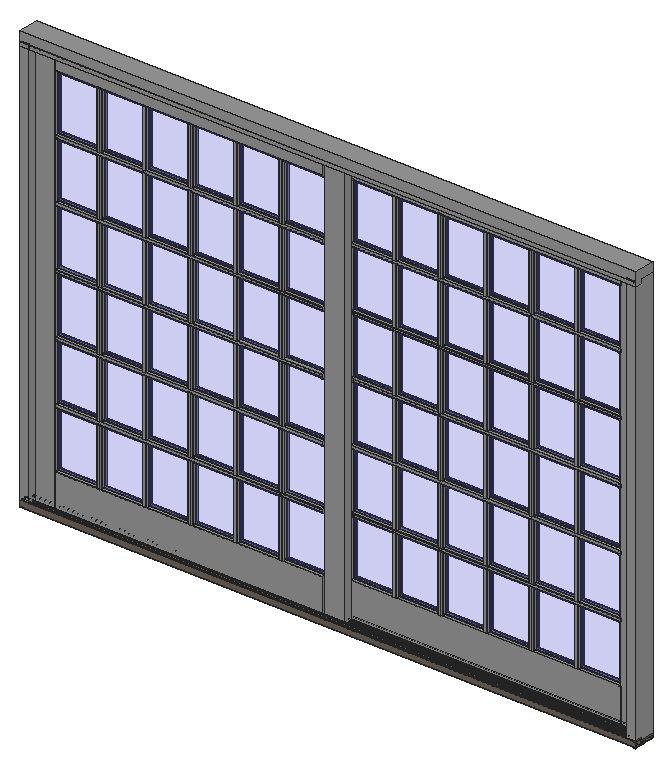
Revit family "VSDA3.0SP RH", category Doors, host Wall, Revit 2015 (continued)
Automatic sketch dimensions
  Extrusion 26 sketch curve to Extrusion 26 sketch curve = 1.197 mm  (x6)
  Extrusion 26 sketch curve to host wall = 24.5 mm  (x5)
  host wall to Extrusion 27 sketch curve = 7.5 mm  (x8)
  Extrusion 27 sketch curve to plane 3 "Left" = 342.92 mm
  Extrusion 27 sketch curve to Extrusion 27 sketch curve = 2 mm  (x19)
  Extrusion 27 sketch curve to Extrusion 27 sketch curve = 6.759 mm  (x10)
  Extrusion 27 sketch curve to Extrusion 27 sketch curve = 0.241 mm  (x15)
  Extrusion 27 sketch curve to Extrusion 27 sketch curve = 13 mm  (x8)
  Extrusion 27 sketch curve to Extrusion 27 sketch curve = 0 mm  (x3)
  host wall to Extrusion 27 sketch curve = 5.5 mm  (x2)
  Extrusion 27 sketch curve to Extrusion 27 sketch curve = 192.92 mm  (x4)
  Extrusion 27 sketch curve to Extrusion 27 sketch curve = 6 mm  (x4)
  host wall to Extrusion 27 sketch curve = 13.5 mm  (x3)
  Extrusion 27 sketch curve to Extrusion 27 sketch curve = 8 mm  (x2)
  Extrusion 27 sketch curve to Extrusion 27 sketch curve = 1.197 mm  (x6)
  Extrusion 27 sketch curve to host wall = 24.5 mm  (x5)
  host wall to Extrusion 28 sketch curve = 7.5 mm  (x8)
  Extrusion 28 sketch curve to plane 3 "Left" = 342.92 mm
  Extrusion 28 sketch curve to Extrusion 28 sketch curve = 2 mm  (x19)
  Extrusion 28 sketch curve to Extrusion 28 sketch curve = 6.759 mm  (x10)
  Extrusion 28 sketch curve to Extrusion 28 sketch curve = 0.241 mm  (x15)
  Extrusion 28 sketch curve to Extrusion 28 sketch curve = 13 mm  (x8)
  Extrusion 28 sketch curve to Extrusion 28 sketch curve = 0 mm  (x3)
  host wall to Extrusion 28 sketch curve = 5.5 mm  (x2)
  Extrusion 28 sketch curve to Extrusion 28 sketch curve = 192.92 mm  (x4)
  Extrusion 28 sketch curve to Extrusion 28 sketch curve = 6 mm  (x4)
  host wall to Extrusion 28 sketch curve = 13.5 mm  (x3)
  Extrusion 28 sketch curve to Extrusion 28 sketch curve = 8 mm  (x2)
  Extrusion 28 sketch curve to Extrusion 28 sketch curve = 1.197 mm  (x6)
  Extrusion 28 sketch curve to host wall = 24.5 mm  (x5)
  host wall to Extrusion 29 sketch curve = 7.5 mm  (x8)
  Extrusion 29 sketch curve to plane 3 "Left" = 342.92 mm
  Extrusion 29 sketch curve to Extrusion 29 sketch curve = 2 mm  (x19)
  Extrusion 29 sketch curve to Extrusion 29 sketch curve = 6.759 mm  (x10)
  Extrusion 29 sketch curve to Extrusion 29 sketch curve = 0.241 mm  (x15)
  Extrusion 29 sketch curve to Extrusion 29 sketch curve = 13 mm  (x8)
  Extrusion 29 sketch curve to Extrusion 29 sketch curve = 0 mm  (x3)
  host wall to Extrusion 29 sketch curve = 5.5 mm  (x2)
  Extrusion 29 sketch curve to Extrusion 29 sketch curve = 192.92 mm  (x4)
  Extrusion 29 sketch curve to Extrusion 29 sketch curve = 6 mm  (x4)
  host wall to Extrusion 29 sketch curve = 13.5 mm  (x3)
  Extrusion 29 sketch curve to Extrusion 29 sketch curve = 8 mm  (x2)
  Extrusion 29 sketch curve to Extrusion 29 sketch curve = 1.197 mm  (x6)
  Extrusion 29 sketch curve to host wall = 24.5 mm  (x5)
  host wall to Extrusion 30 sketch curve = 7.5 mm  (x8)
  Extrusion 30 sketch curve to plane 3 "Left" = 342.92 mm
  Extrusion 30 sketch curve to Extrusion 30 sketch curve = 2 mm  (x19)
  Extrusion 30 sketch curve to Extrusion 30 sketch curve = 6.759 mm  (x10)
  Extrusion 30 sketch curve to Extrusion 30 sketch curve = 0.241 mm  (x15)
  Extrusion 30 sketch curve to Extrusion 30 sketch curve = 13 mm  (x8)
  Extrusion 30 sketch curve to Extrusion 30 sketch curve = 0 mm  (x3)
  host wall to Extrusion 30 sketch curve = 5.5 mm  (x2)
  Extrusion 30 sketch curve to Extrusion 30 sketch curve = 192.92 mm  (x4)
  Extrusion 30 sketch curve to Extrusion 30 sketch curve = 6 mm  (x4)
  host wall to Extrusion 30 sketch curve = 13.5 mm  (x3)
  Extrusion 30 sketch curve to Extrusion 30 sketch curve = 8 mm  (x2)
  Extrusion 30 sketch curve to Extrusion 30 sketch curve = 1.197 mm  (x6)
  Extrusion 30 sketch curve to host wall = 24.5 mm  (x5)
  plane 4 "Right" to Sweep 31 sketch curve = 351.92 mm
  plane 4 "Right" to Sweep 31 sketch curve = 141 mm
  plane 5 to Sweep 31 sketch curve = 722 mm
  Sweep 31 sketch curve to Sweep 31 sketch curve = 284 mm
  profile plane to Sweep 31 sketch curve = 0 mm
  profile plane to Sweep 31 sketch curve = 0.241 mm
  Sweep 31 sketch curve to Sweep 31 sketch curve = 6.759 mm
  Sweep 31 sketch curve to Sweep 31 sketch curve = 2 mm  (x2)
  Sweep 31 sketch curve to profile plane = 132.5 mm
  Sweep 31 sketch curve to Sweep 31 sketch curve = 6 mm
  plane 4 "Right" to Sweep 32 sketch curve = 575.84 mm
  Sweep 32 sketch curve to Sweep 32 sketch curve = 210.92 mm
  plane 5 to Sweep 32 sketch curve = 722 mm
  Sweep 32 sketch curve to Sweep 32 sketch curve = 284 mm
  profile plane to Sweep 32 sketch curve = 0 mm
  profile plane to Sweep 32 sketch curve = 0.241 mm
  Sweep 32 sketch curve to Sweep 32 sketch curve = 6.759 mm
  Sweep 32 sketch curve to Sweep 32 sketch curve = 2 mm  (x2)
  Sweep 32 sketch curve to profile plane = 132.5 mm
  Sweep 32 sketch curve to Sweep 32 sketch curve = 6 mm
  plane 2 "Center (Left/Right)" to Sweep 33 sketch curve = 715.24 mm
  Sweep 33 sketch curve to Sweep 33 sketch curve = 210.92 mm
  plane 5 to Sweep 33 sketch curve = 722 mm
  Sweep 33 sketch curve to Sweep 33 sketch curve = 284 mm
  profile plane to Sweep 33 sketch curve = 0 mm
  profile plane to Sweep 33 sketch curve = 0.241 mm
  Sweep 33 sketch curve to Sweep 33 sketch curve = 6.759 mm
  Sweep 33 sketch curve to Sweep 33 sketch curve = 2 mm  (x2)
  Sweep 33 sketch curve to profile plane = 132.5 mm
  Sweep 33 sketch curve to Sweep 33 sketch curve = 6 mm
  plane 2 "Center (Left/Right)" to Sweep 34 sketch curve = 491.32 mm
  Sweep 34 sketch curve to Sweep 34 sketch curve = 210.92 mm
  plane 5 to Sweep 34 sketch curve = 722 mm
  Sweep 34 sketch curve to Sweep 34 sketch curve = 284 mm
  profile plane to Sweep 34 sketch curve = 0 mm
  profile plane to Sweep 34 sketch curve = 0.241 mm
  Sweep 34 sketch curve to Sweep 34 sketch curve = 6.759 mm
  Sweep 34 sketch curve to Sweep 34 sketch curve = 2 mm  (x2)
  Sweep 34 sketch curve to profile plane = 132.5 mm
  Sweep 34 sketch curve to Sweep 34 sketch curve = 6 mm
  plane 2 "Center (Left/Right)" to Sweep 35 sketch curve = 267.4 mm
  Sweep 35 sketch curve to Sweep 35 sketch curve = 210.92 mm
  plane 5 to Sweep 35 sketch curve = 722 mm
  Sweep 35 sketch curve to Sweep 35 sketch curve = 284 mm
  profile plane to Sweep 35 sketch curve = 0 mm
  profile plane to Sweep 35 sketch curve = 0.241 mm
  Sweep 35 sketch curve to Sweep 35 sketch curve = 6.759 mm
  Sweep 35 sketch curve to Sweep 35 sketch curve = 2 mm  (x2)
  Sweep 35 sketch curve to profile plane = 132.5 mm
  Sweep 35 sketch curve to Sweep 35 sketch curve = 6 mm
  plane 2 "Center (Left/Right)" to Sweep 36 sketch curve = 43.48 mm
  Sweep 36 sketch curve to Sweep 36 sketch curve = 210.92 mm
  plane 5 to Sweep 36 sketch curve = 722 mm
  Sweep 36 sketch curve to Sweep 36 sketch curve = 284 mm
  profile plane to Sweep 36 sketch curve = 0 mm
  profile plane to Sweep 36 sketch curve = 0.241 mm
  Sweep 36 sketch curve to Sweep 36 sketch curve = 6.759 mm
  Sweep 36 sketch curve to Sweep 36 sketch curve = 2 mm  (x2)
  Sweep 36 sketch curve to profile plane = 132.5 mm
  Sweep 36 sketch curve to Sweep 36 sketch curve = 6 mm
  plane 4 "Right" to Sweep 37 sketch curve = 351.92 mm
  plane 4 "Right" to Sweep 37 sketch curve = 141 mm
  plane 5 to Sweep 37 sketch curve = 1019 mm
  Sweep 37 sketch curve to Sweep 37 sketch curve = 284 mm
  profile plane to Sweep 37 sketch curve = 0 mm
  profile plane to Sweep 37 sketch curve = 0.241 mm
  Sweep 37 sketch curve to Sweep 37 sketch curve = 6.759 mm
  Sweep 37 sketch curve to Sweep 37 sketch curve = 2 mm  (x2)
  Sweep 37 sketch curve to profile plane = 132.5 mm
  Sweep 37 sketch curve to Sweep 37 sketch curve = 6 mm
  plane 4 "Right" to Sweep 38 sketch curve = 575.84 mm
  Sweep 38 sketch curve to Sweep 38 sketch curve = 210.92 mm
  plane 5 to Sweep 38 sketch curve = 1019 mm
  Sweep 38 sketch curve to Sweep 38 sketch curve = 284 mm
  profile plane to Sweep 38 sketch curve = 0 mm
  profile plane to Sweep 38 sketch curve = 0.241 mm
  Sweep 38 sketch curve to Sweep 38 sketch curve = 6.759 mm
  Sweep 38 sketch curve to Sweep 38 sketch curve = 2 mm  (x2)
  Sweep 38 sketch curve to profile plane = 132.5 mm
  Sweep 38 sketch curve to Sweep 38 sketch curve = 6 mm
  plane 2 "Center (Left/Right)" to Sweep 39 sketch curve = 715.24 mm
  Sweep 39 sketch curve to Sweep 39 sketch curve = 210.92 mm
  plane 5 to Sweep 39 sketch curve = 1019 mm
  Sweep 39 sketch curve to Sweep 39 sketch curve = 284 mm
  profile plane to Sweep 39 sketch curve = 0 mm
  profile plane to Sweep 39 sketch curve = 0.241 mm
  Sweep 39 sketch curve to Sweep 39 sketch curve = 6.759 mm
  Sweep 39 sketch curve to Sweep 39 sketch curve = 2 mm  (x2)
  Sweep 39 sketch curve to profile plane = 132.5 mm
  Sweep 39 sketch curve to Sweep 39 sketch curve = 6 mm
  plane 2 "Center (Left/Right)" to Sweep 40 sketch curve = 491.32 mm
  Sweep 40 sketch curve to Sweep 40 sketch curve = 210.92 mm
  plane 5 to Sweep 40 sketch curve = 1019 mm
  Sweep 40 sketch curve to Sweep 40 sketch curve = 284 mm
  profile plane to Sweep 40 sketch curve = 0 mm
  profile plane to Sweep 40 sketch curve = 0.241 mm
  Sweep 40 sketch curve to Sweep 40 sketch curve = 6.759 mm
  Sweep 40 sketch curve to Sweep 40 sketch curve = 2 mm  (x2)
  Sweep 40 sketch curve to profile plane = 132.5 mm
  Sweep 40 sketch curve to Sweep 40 sketch curve = 6 mm
  plane 2 "Center (Left/Right)" to Sweep 41 sketch curve = 267.4 mm
  Sweep 41 sketch curve to Sweep 41 sketch curve = 210.92 mm
  plane 5 to Sweep 41 sketch curve = 1019 mm
  Sweep 41 sketch curve to Sweep 41 sketch curve = 284 mm
  profile plane to Sweep 41 sketch curve = 0 mm
  profile plane to Sweep 41 sketch curve = 0.241 mm
  Sweep 41 sketch curve to Sweep 41 sketch curve = 6.759 mm
  Sweep 41 sketch curve to Sweep 41 sketch curve = 2 mm  (x2)
  Sweep 41 sketch curve to profile plane = 132.5 mm
  Sweep 41 sketch curve to Sweep 41 sketch curve = 6 mm
  plane 2 "Center (Left/Right)" to Sweep 42 sketch curve = 43.48 mm
  Sweep 42 sketch curve to Sweep 42 sketch curve = 210.92 mm
  plane 5 to Sweep 42 sketch curve = 1019 mm
  Sweep 42 sketch curve to Sweep 42 sketch curve = 284 mm
  profile plane to Sweep 42 sketch curve = 0 mm
  profile plane to Sweep 42 sketch curve = 0.241 mm
  Sweep 42 sketch curve to Sweep 42 sketch curve = 6.759 mm
  Sweep 42 sketch curve to Sweep 42 sketch curve = 2 mm  (x2)
  Sweep 42 sketch curve to profile plane = 132.5 mm
  Sweep 42 sketch curve to Sweep 42 sketch curve = 6 mm
  plane 4 "Right" to Sweep 43 sketch curve = 351.92 mm
  plane 4 "Right" to Sweep 43 sketch curve = 141 mm
  level to Sweep 43 sketch curve = 784 mm
  Sweep 43 sketch curve to Sweep 43 sketch curve = 284 mm
  profile plane to Sweep 43 sketch curve = 0 mm
  profile plane to Sweep 43 sketch curve = 0.241 mm
  Sweep 43 sketch curve to Sweep 43 sketch curve = 6.759 mm
  Sweep 43 sketch curve to Sweep 43 sketch curve = 2 mm  (x2)
  Sweep 43 sketch curve to profile plane = 132.5 mm
  Sweep 43 sketch curve to Sweep 43 sketch curve = 6 mm
  plane 4 "Right" to Sweep 44 sketch curve = 575.84 mm
  Sweep 44 sketch curve to Sweep 44 sketch curve = 210.92 mm
  level to Sweep 44 sketch curve = 784 mm
  Sweep 44 sketch curve to Sweep 44 sketch curve = 284 mm
  profile plane to Sweep 44 sketch curve = 0 mm
  profile plane to Sweep 44 sketch curve = 0.241 mm
  Sweep 44 sketch curve to Sweep 44 sketch curve = 6.759 mm
  Sweep 44 sketch curve to Sweep 44 sketch curve = 2 mm  (x2)
  Sweep 44 sketch curve to profile plane = 132.5 mm
  Sweep 44 sketch curve to Sweep 44 sketch curve = 6 mm
  plane 2 "Center (Left/Right)" to Sweep 45 sketch curve = 715.24 mm
  Sweep 45 sketch curve to Sweep 45 sketch curve = 210.92 mm
  level to Sweep 45 sketch curve = 784 mm
  Sweep 45 sketch curve to Sweep 45 sketch curve = 284 mm
  profile plane to Sweep 45 sketch curve = 0 mm
  profile plane to Sweep 45 sketch curve = 0.241 mm
  Sweep 45 sketch curve to Sweep 45 sketch curve = 6.759 mm
  Sweep 45 sketch curve to Sweep 45 sketch curve = 2 mm  (x2)
  Sweep 45 sketch curve to profile plane = 132.5 mm
  Sweep 45 sketch curve to Sweep 45 sketch curve = 6 mm
  plane 2 "Center (Left/Right)" to Sweep 46 sketch curve = 491.32 mm
  Sweep 46 sketch curve to Sweep 46 sketch curve = 210.92 mm
  level to Sweep 46 sketch curve = 784 mm
  Sweep 46 sketch curve to Sweep 46 sketch curve = 284 mm
  profile plane to Sweep 46 sketch curve = 0 mm
  profile plane to Sweep 46 sketch curve = 0.241 mm
  Sweep 46 sketch curve to Sweep 46 sketch curve = 6.759 mm
  Sweep 46 sketch curve to Sweep 46 sketch curve = 2 mm  (x2)
  Sweep 46 sketch curve to profile plane = 132.5 mm
  Sweep 46 sketch curve to Sweep 46 sketch curve = 6 mm
  plane 2 "Center (Left/Right)" to Sweep 47 sketch curve = 267.4 mm
  Sweep 47 sketch curve to Sweep 47 sketch curve = 210.92 mm
  level to Sweep 47 sketch curve = 784 mm
  Sweep 47 sketch curve to Sweep 47 sketch curve = 284 mm
  profile plane to Sweep 47 sketch curve = 0 mm
  profile plane to Sweep 47 sketch curve = 0.241 mm
  Sweep 47 sketch curve to Sweep 47 sketch curve = 6.759 mm
  Sweep 47 sketch curve to Sweep 47 sketch curve = 2 mm  (x2)
  Sweep 47 sketch curve to profile plane = 132.5 mm
  Sweep 47 sketch curve to Sweep 47 sketch curve = 6 mm
  plane 2 "Center (Left/Right)" to Sweep 48 sketch curve = 43.48 mm
  Sweep 48 sketch curve to Sweep 48 sketch curve = 210.92 mm
  level to Sweep 48 sketch curve = 784 mm
  Sweep 48 sketch curve to Sweep 48 sketch curve = 284 mm
  profile plane to Sweep 48 sketch curve = 0 mm
  profile plane to Sweep 48 sketch curve = 0.241 mm
  Sweep 48 sketch curve to Sweep 48 sketch curve = 6.759 mm
  Sweep 48 sketch curve to Sweep 48 sketch curve = 2 mm  (x2)
  Sweep 48 sketch curve to profile plane = 132.5 mm
  Sweep 48 sketch curve to Sweep 48 sketch curve = 6 mm
  plane 4 "Right" to Sweep 49 sketch curve = 351.92 mm
  plane 4 "Right" to Sweep 49 sketch curve = 141 mm
  level to Sweep 49 sketch curve = 487 mm
  Sweep 49 sketch curve to Sweep 49 sketch curve = 284 mm
  profile plane to Sweep 49 sketch curve = 0 mm
  profile plane to Sweep 49 sketch curve = 0.241 mm
  Sweep 49 sketch curve to Sweep 49 sketch curve = 6.759 mm
  Sweep 49 sketch curve to Sweep 49 sketch curve = 2 mm  (x2)
  Sweep 49 sketch curve to profile plane = 132.5 mm
  Sweep 49 sketch curve to Sweep 49 sketch curve = 6 mm
  plane 4 "Right" to Sweep 50 sketch curve = 575.84 mm
  Sweep 50 sketch curve to Sweep 50 sketch curve = 210.92 mm
  level to Sweep 50 sketch curve = 487 mm
  Sweep 50 sketch curve to Sweep 50 sketch curve = 284 mm
  profile plane to Sweep 50 sketch curve = 0 mm
  profile plane to Sweep 50 sketch curve = 0.241 mm
  Sweep 50 sketch curve to Sweep 50 sketch curve = 6.759 mm
  Sweep 50 sketch curve to Sweep 50 sketch curve = 2 mm  (x2)
  Sweep 50 sketch curve to profile plane = 132.5 mm
  Sweep 50 sketch curve to Sweep 50 sketch curve = 6 mm
  plane 2 "Center (Left/Right)" to Sweep 51 sketch curve = 715.24 mm
  Sweep 51 sketch curve to Sweep 51 sketch curve = 210.92 mm
  level to Sweep 51 sketch curve = 487 mm
  Sweep 51 sketch curve to Sweep 51 sketch curve = 284 mm
  profile plane to Sweep 51 sketch curve = 0 mm
  profile plane to Sweep 51 sketch curve = 0.241 mm
  Sweep 51 sketch curve to Sweep 51 sketch curve = 6.759 mm
  Sweep 51 sketch curve to Sweep 51 sketch curve = 2 mm  (x2)
  Sweep 51 sketch curve to profile plane = 132.5 mm
  Sweep 51 sketch curve to Sweep 51 sketch curve = 6 mm
  plane 2 "Center (Left/Right)" to Sweep 52 sketch curve = 491.32 mm
  Sweep 52 sketch curve to Sweep 52 sketch curve = 210.92 mm
  level to Sweep 52 sketch curve = 487 mm
  Sweep 52 sketch curve to Sweep 52 sketch curve = 284 mm
  profile plane to Sweep 52 sketch curve = 0 mm
  profile plane to Sweep 52 sketch curve = 0.241 mm
  Sweep 52 sketch curve to Sweep 52 sketch curve = 6.759 mm
  Sweep 52 sketch curve to Sweep 52 sketch curve = 2 mm  (x2)
  Sweep 52 sketch curve to profile plane = 132.5 mm
  Sweep 52 sketch curve to Sweep 52 sketch curve = 6 mm
  plane 2 "Center (Left/Right)" to Sweep 53 sketch curve = 267.4 mm
  Sweep 53 sketch curve to Sweep 53 sketch curve = 210.92 mm
  level to Sweep 53 sketch curve = 487 mm
  Sweep 53 sketch curve to Sweep 53 sketch curve = 284 mm
  profile plane to Sweep 53 sketch curve = 0 mm
  profile plane to Sweep 53 sketch curve = 0.241 mm
  Sweep 53 sketch curve to Sweep 53 sketch curve = 6.759 mm
  Sweep 53 sketch curve to Sweep 53 sketch curve = 2 mm  (x2)
  Sweep 53 sketch curve to profile plane = 132.5 mm
  Sweep 53 sketch curve to Sweep 53 sketch curve = 6 mm
  plane 2 "Center (Left/Right)" to Sweep 54 sketch curve = 43.48 mm
  Sweep 54 sketch curve to Sweep 54 sketch curve = 210.92 mm
  level to Sweep 54 sketch curve = 487 mm
  Sweep 54 sketch curve to Sweep 54 sketch curve = 284 mm
  profile plane to Sweep 54 sketch curve = 0 mm
  profile plane to Sweep 54 sketch curve = 0.241 mm
  Sweep 54 sketch curve to Sweep 54 sketch curve = 6.759 mm
  Sweep 54 sketch curve to Sweep 54 sketch curve = 2 mm  (x2)
  Sweep 54 sketch curve to profile plane = 132.5 mm
  Sweep 54 sketch curve to Sweep 54 sketch curve = 6 mm
  plane 4 "Right" to Sweep 55 sketch curve = 351.92 mm
  plane 4 "Right" to Sweep 55 sketch curve = 141 mm
  level to Sweep 55 sketch curve = 190 mm
  Sweep 55 sketch curve to Sweep 55 sketch curve = 284 mm
  profile plane to Sweep 55 sketch curve = 0 mm
  profile plane to Sweep 55 sketch curve = 0.241 mm
  Sweep 55 sketch curve to Sweep 55 sketch curve = 6.759 mm
  Sweep 55 sketch curve to Sweep 55 sketch curve = 2 mm  (x2)
  Sweep 55 sketch curve to profile plane = 132.5 mm
  Sweep 55 sketch curve to Sweep 55 sketch curve = 6 mm
  level to Sweep 56 sketch curve = 190 mm
  plane 4 "Right" to Sweep 56 sketch curve = 575.84 mm
  Sweep 56 sketch curve to Sweep 56 sketch curve = 210.92 mm
  Sweep 56 sketch curve to Sweep 56 sketch curve = 284 mm
  profile plane to Sweep 56 sketch curve = 0 mm
  profile plane to Sweep 56 sketch curve = 0.241 mm
  Sweep 56 sketch curve to Sweep 56 sketch curve = 6.759 mm
  Sweep 56 sketch curve to Sweep 56 sketch curve = 2 mm  (x2)
  Sweep 56 sketch curve to profile plane = 132.5 mm
  Sweep 56 sketch curve to Sweep 56 sketch curve = 6 mm
  level to Sweep 57 sketch curve = 190 mm
  plane 2 "Center (Left/Right)" to Sweep 57 sketch curve = 715.24 mm
  Sweep 57 sketch curve to Sweep 57 sketch curve = 210.92 mm
  Sweep 57 sketch curve to Sweep 57 sketch curve = 284 mm
  profile plane to Sweep 57 sketch curve = 0 mm
  profile plane to Sweep 57 sketch curve = 0.241 mm
  Sweep 57 sketch curve to Sweep 57 sketch curve = 6.759 mm
  Sweep 57 sketch curve to Sweep 57 sketch curve = 2 mm  (x2)
  Sweep 57 sketch curve to profile plane = 132.5 mm
  Sweep 57 sketch curve to Sweep 57 sketch curve = 6 mm
  level to Sweep 58 sketch curve = 190 mm
  plane 2 "Center (Left/Right)" to Sweep 58 sketch curve = 491.32 mm
  Sweep 58 sketch curve to Sweep 58 sketch curve = 210.92 mm
  Sweep 58 sketch curve to Sweep 58 sketch curve = 284 mm
  profile plane to Sweep 58 sketch curve = 0 mm
  profile plane to Sweep 58 sketch curve = 0.241 mm
  Sweep 58 sketch curve to Sweep 58 sketch curve = 6.759 mm
  Sweep 58 sketch curve to Sweep 58 sketch curve = 2 mm  (x2)
  Sweep 58 sketch curve to profile plane = 132.5 mm
  Sweep 58 sketch curve to Sweep 58 sketch curve = 6 mm
  plane 2 "Center (Left/Right)" to Sweep 59 sketch curve = 267.4 mm
  Sweep 59 sketch curve to Sweep 59 sketch curve = 210.92 mm
  level to Sweep 59 sketch curve = 190 mm
  Sweep 59 sketch curve to Sweep 59 sketch curve = 284 mm
  profile plane to Sweep 59 sketch curve = 0 mm
  profile plane to Sweep 59 sketch curve = 0.241 mm
  Sweep 59 sketch curve to Sweep 59 sketch curve = 6.759 mm
  Sweep 59 sketch curve to Sweep 59 sketch curve = 2 mm  (x2)
  Sweep 59 sketch curve to profile plane = 132.5 mm
  Sweep 59 sketch curve to Sweep 59 sketch curve = 6 mm
  plane 2 "Center (Left/Right)" to Sweep 60 sketch curve = 43.48 mm
  Sweep 60 sketch curve to Sweep 60 sketch curve = 210.92 mm
  level to Sweep 60 sketch curve = 190 mm
  Sweep 60 sketch curve to Sweep 60 sketch curve = 284 mm
  profile plane to Sweep 60 sketch curve = 0 mm
  profile plane to Sweep 60 sketch curve = 0.241 mm
  Sweep 60 sketch curve to Sweep 60 sketch curve = 6.759 mm
  Sweep 60 sketch curve to Sweep 60 sketch curve = 2 mm  (x2)
  Sweep 60 sketch curve to profile plane = 132.5 mm
  Sweep 60 sketch curve to Sweep 60 sketch curve = 6 mm
  Sweep 61 sketch curve to plane 3 "Left" = 364.92 mm
  Sweep 61 sketch curve to Sweep 61 sketch curve = 210.92 mm
  plane 5 to Sweep 61 sketch curve = 425 mm
  plane 5 to Sweep 61 sketch curve = 141 mm
  profile plane to Sweep 61 sketch curve = 0 mm
  profile plane to Sweep 61 sketch curve = 0.241 mm
  Sweep 61 sketch curve to Sweep 61 sketch curve = 6.759 mm
  Sweep 61 sketch curve to Sweep 61 sketch curve = 2 mm  (x2)
  Sweep 61 sketch curve to profile plane = 132.5 mm
  Sweep 61 sketch curve to Sweep 61 sketch curve = 6 mm
  Sweep 62 sketch curve to plane 3 "Left" = 588.84 mm
  Sweep 62 sketch curve to Sweep 62 sketch curve = 210.92 mm
  plane 5 to Sweep 62 sketch curve = 425 mm
  plane 5 to Sweep 62 sketch curve = 141 mm
  profile plane to Sweep 62 sketch curve = 0 mm
  profile plane to Sweep 62 sketch curve = 0.241 mm
  Sweep 62 sketch curve to Sweep 62 sketch curve = 6.759 mm
  Sweep 62 sketch curve to Sweep 62 sketch curve = 2 mm  (x2)
  Sweep 62 sketch curve to profile plane = 132.5 mm
  Sweep 62 sketch curve to Sweep 62 sketch curve = 6 mm
  Sweep 63 sketch curve to plane 2 "Center (Left/Right)" = 702.24 mm
  Sweep 63 sketch curve to Sweep 63 sketch curve = 210.92 mm
  plane 5 to Sweep 63 sketch curve = 425 mm
  plane 5 to Sweep 63 sketch curve = 141 mm
  profile plane to Sweep 63 sketch curve = 0 mm
  profile plane to Sweep 63 sketch curve = 0.241 mm
  Sweep 63 sketch curve to Sweep 63 sketch curve = 6.759 mm
  Sweep 63 sketch curve to Sweep 63 sketch curve = 2 mm  (x2)
  Sweep 63 sketch curve to profile plane = 132.5 mm
  Sweep 63 sketch curve to Sweep 63 sketch curve = 6 mm
  Sweep 64 sketch curve to plane 2 "Center (Left/Right)" = 478.32 mm
  Sweep 64 sketch curve to Sweep 64 sketch curve = 210.92 mm
  plane 5 to Sweep 64 sketch curve = 425 mm
  plane 5 to Sweep 64 sketch curve = 141 mm
  profile plane to Sweep 64 sketch curve = 0 mm
  profile plane to Sweep 64 sketch curve = 0.241 mm
  Sweep 64 sketch curve to Sweep 64 sketch curve = 6.759 mm
  Sweep 64 sketch curve to Sweep 64 sketch curve = 2 mm  (x2)
  Sweep 64 sketch curve to profile plane = 132.5 mm
  Sweep 64 sketch curve to Sweep 64 sketch curve = 6 mm
  Sweep 65 sketch curve to plane 2 "Center (Left/Right)" = 254.4 mm
  Sweep 65 sketch curve to plane 2 "Center (Left/Right)" = 43.48 mm
  plane 5 to Sweep 65 sketch curve = 425 mm
  plane 5 to Sweep 65 sketch curve = 141 mm
  profile plane to Sweep 65 sketch curve = 0 mm
  profile plane to Sweep 65 sketch curve = 0.241 mm
  Sweep 65 sketch curve to Sweep 65 sketch curve = 6.759 mm
  Sweep 65 sketch curve to Sweep 65 sketch curve = 2 mm  (x2)
  Sweep 65 sketch curve to profile plane = 132.5 mm
  Sweep 65 sketch curve to Sweep 65 sketch curve = 6 mm
  Sweep 66 sketch curve to plane 3 "Left" = 141 mm
  Sweep 66 sketch curve to Sweep 66 sketch curve = 210.92 mm
  plane 5 to Sweep 66 sketch curve = 722 mm
  Sweep 66 sketch curve to Sweep 66 sketch curve = 284 mm
  profile plane to Sweep 66 sketch curve = 0 mm
  profile plane to Sweep 66 sketch curve = 0.241 mm
  Sweep 66 sketch curve to Sweep 66 sketch curve = 6.759 mm
  Sweep 66 sketch curve to Sweep 66 sketch curve = 2 mm  (x2)
  Sweep 66 sketch curve to profile plane = 132.5 mm
  Sweep 66 sketch curve to Sweep 66 sketch curve = 6 mm
  Sweep 67 sketch curve to plane 3 "Left" = 364.92 mm
  Sweep 67 sketch curve to Sweep 67 sketch curve = 210.92 mm
  plane 5 to Sweep 67 sketch curve = 722 mm
  Sweep 67 sketch curve to Sweep 67 sketch curve = 284 mm
  profile plane to Sweep 67 sketch curve = 0 mm
  profile plane to Sweep 67 sketch curve = 0.241 mm
  Sweep 67 sketch curve to Sweep 67 sketch curve = 6.759 mm
  Sweep 67 sketch curve to Sweep 67 sketch curve = 2 mm  (x2)
  Sweep 67 sketch curve to profile plane = 132.5 mm
  Sweep 67 sketch curve to Sweep 67 sketch curve = 6 mm
  Sweep 68 sketch curve to plane 3 "Left" = 588.84 mm
  Sweep 68 sketch curve to Sweep 68 sketch curve = 210.92 mm
  plane 5 to Sweep 68 sketch curve = 722 mm
  Sweep 68 sketch curve to Sweep 68 sketch curve = 284 mm
  profile plane to Sweep 68 sketch curve = 0 mm
  profile plane to Sweep 68 sketch curve = 0.241 mm
  Sweep 68 sketch curve to Sweep 68 sketch curve = 6.759 mm
  Sweep 68 sketch curve to Sweep 68 sketch curve = 2 mm  (x2)
  Sweep 68 sketch curve to profile plane = 132.5 mm
  Sweep 68 sketch curve to Sweep 68 sketch curve = 6 mm
  Sweep 69 sketch curve to plane 2 "Center (Left/Right)" = 702.24 mm
  Sweep 69 sketch curve to Sweep 69 sketch curve = 210.92 mm
  plane 5 to Sweep 69 sketch curve = 722 mm
  Sweep 69 sketch curve to Sweep 69 sketch curve = 284 mm
  profile plane to Sweep 69 sketch curve = 0 mm
  profile plane to Sweep 69 sketch curve = 0.241 mm
  Sweep 69 sketch curve to Sweep 69 sketch curve = 6.759 mm
  Sweep 69 sketch curve to Sweep 69 sketch curve = 2 mm  (x2)
  Sweep 69 sketch curve to profile plane = 132.5 mm
  Sweep 69 sketch curve to Sweep 69 sketch curve = 6 mm
  Sweep 70 sketch curve to plane 2 "Center (Left/Right)" = 478.32 mm
  Sweep 70 sketch curve to Sweep 70 sketch curve = 210.92 mm
  plane 5 to Sweep 70 sketch curve = 722 mm
  Sweep 70 sketch curve to Sweep 70 sketch curve = 284 mm
  profile plane to Sweep 70 sketch curve = 0 mm
  profile plane to Sweep 70 sketch curve = 0.241 mm
  Sweep 70 sketch curve to Sweep 70 sketch curve = 6.759 mm
  Sweep 70 sketch curve to Sweep 70 sketch curve = 2 mm  (x2)
  Sweep 70 sketch curve to profile plane = 132.5 mm
  Sweep 70 sketch curve to Sweep 70 sketch curve = 6 mm
  Sweep 71 sketch curve to plane 2 "Center (Left/Right)" = 254.4 mm
  Sweep 71 sketch curve to plane 2 "Center (Left/Right)" = 43.48 mm
  plane 5 to Sweep 71 sketch curve = 722 mm
  Sweep 71 sketch curve to Sweep 71 sketch curve = 284 mm
  profile plane to Sweep 71 sketch curve = 0 mm
  profile plane to Sweep 71 sketch curve = 0.241 mm
  Sweep 71 sketch curve to Sweep 71 sketch curve = 6.759 mm
  Sweep 71 sketch curve to Sweep 71 sketch curve = 2 mm  (x2)
  Sweep 71 sketch curve to profile plane = 132.5 mm
  Sweep 71 sketch curve to Sweep 71 sketch curve = 6 mm
  Sweep 72 sketch curve to plane 3 "Left" = 141 mm
  Sweep 72 sketch curve to Sweep 72 sketch curve = 210.92 mm
  plane 5 to Sweep 72 sketch curve = 1019 mm
  Sweep 72 sketch curve to Sweep 72 sketch curve = 284 mm
  profile plane to Sweep 72 sketch curve = 0 mm
  profile plane to Sweep 72 sketch curve = 0.241 mm
  Sweep 72 sketch curve to Sweep 72 sketch curve = 6.759 mm
  Sweep 72 sketch curve to Sweep 72 sketch curve = 2 mm  (x2)
  Sweep 72 sketch curve to profile plane = 132.5 mm
  Sweep 72 sketch curve to Sweep 72 sketch curve = 6 mm
  Sweep 73 sketch curve to plane 3 "Left" = 364.92 mm
  Sweep 73 sketch curve to Sweep 73 sketch curve = 210.92 mm
  plane 5 to Sweep 73 sketch curve = 1019 mm
  Sweep 73 sketch curve to Sweep 73 sketch curve = 284 mm
  profile plane to Sweep 73 sketch curve = 0 mm
  profile plane to Sweep 73 sketch curve = 0.241 mm
  Sweep 73 sketch curve to Sweep 73 sketch curve = 6.759 mm
  Sweep 73 sketch curve to Sweep 73 sketch curve = 2 mm  (x2)
  Sweep 73 sketch curve to profile plane = 132.5 mm
  Sweep 73 sketch curve to Sweep 73 sketch curve = 6 mm
  Sweep 74 sketch curve to plane 3 "Left" = 588.84 mm
  Sweep 74 sketch curve to Sweep 74 sketch curve = 210.92 mm
  plane 5 to Sweep 74 sketch curve = 1019 mm
  Sweep 74 sketch curve to Sweep 74 sketch curve = 284 mm
  profile plane to Sweep 74 sketch curve = 0 mm
  profile plane to Sweep 74 sketch curve = 0.241 mm
  Sweep 74 sketch curve to Sweep 74 sketch curve = 6.759 mm
  Sweep 74 sketch curve to Sweep 74 sketch curve = 2 mm  (x2)
  Sweep 74 sketch curve to profile plane = 132.5 mm
  Sweep 74 sketch curve to Sweep 74 sketch curve = 6 mm
  Sweep 75 sketch curve to plane 2 "Center (Left/Right)" = 702.24 mm
  Sweep 75 sketch curve to Sweep 75 sketch curve = 210.92 mm
  plane 5 to Sweep 75 sketch curve = 1019 mm
  Sweep 75 sketch curve to Sweep 75 sketch curve = 284 mm
  profile plane to Sweep 75 sketch curve = 0 mm
  profile plane to Sweep 75 sketch curve = 0.241 mm
  Sweep 75 sketch curve to Sweep 75 sketch curve = 6.759 mm
  Sweep 75 sketch curve to Sweep 75 sketch curve = 2 mm  (x2)
  Sweep 75 sketch curve to profile plane = 132.5 mm
  Sweep 75 sketch curve to Sweep 75 sketch curve = 6 mm
  Sweep 76 sketch curve to plane 2 "Center (Left/Right)" = 478.32 mm
  Sweep 76 sketch curve to Sweep 76 sketch curve = 210.92 mm
  plane 5 to Sweep 76 sketch curve = 1019 mm
  Sweep 76 sketch curve to Sweep 76 sketch curve = 284 mm
  profile plane to Sweep 76 sketch curve = 0 mm
  profile plane to Sweep 76 sketch curve = 0.241 mm
  Sweep 76 sketch curve to Sweep 76 sketch curve = 6.759 mm
  Sweep 76 sketch curve to Sweep 76 sketch curve = 2 mm  (x2)
  Sweep 76 sketch curve to profile plane = 132.5 mm
  Sweep 76 sketch curve to Sweep 76 sketch curve = 6 mm
  Sweep 77 sketch curve to plane 2 "Center (Left/Right)" = 254.4 mm
  Sweep 77 sketch curve to plane 2 "Center (Left/Right)" = 43.48 mm
  plane 5 to Sweep 77 sketch curve = 1019 mm
  Sweep 77 sketch curve to Sweep 77 sketch curve = 284 mm
  profile plane to Sweep 77 sketch curve = 0 mm
  profile plane to Sweep 77 sketch curve = 0.241 mm
  Sweep 77 sketch curve to Sweep 77 sketch curve = 6.759 mm
  Sweep 77 sketch curve to Sweep 77 sketch curve = 2 mm  (x2)
  Sweep 77 sketch curve to profile plane = 132.5 mm
  Sweep 77 sketch curve to Sweep 77 sketch curve = 6 mm
  Sweep 78 sketch curve to plane 3 "Left" = 141 mm
  Sweep 78 sketch curve to Sweep 78 sketch curve = 210.92 mm
  level to Sweep 78 sketch curve = 784 mm
  Sweep 78 sketch curve to Sweep 78 sketch curve = 284 mm
  profile plane to Sweep 78 sketch curve = 0 mm
  profile plane to Sweep 78 sketch curve = 0.241 mm
  Sweep 78 sketch curve to Sweep 78 sketch curve = 6.759 mm
  Sweep 78 sketch curve to Sweep 78 sketch curve = 2 mm  (x2)
  Sweep 78 sketch curve to profile plane = 132.5 mm
  Sweep 78 sketch curve to Sweep 78 sketch curve = 6 mm
  Sweep 79 sketch curve to plane 3 "Left" = 364.92 mm
  Sweep 79 sketch curve to Sweep 79 sketch curve = 210.92 mm
  level to Sweep 79 sketch curve = 784 mm
  Sweep 79 sketch curve to Sweep 79 sketch curve = 284 mm
  profile plane to Sweep 79 sketch curve = 0 mm
  profile plane to Sweep 79 sketch curve = 0.241 mm
  Sweep 79 sketch curve to Sweep 79 sketch curve = 6.759 mm
  Sweep 79 sketch curve to Sweep 79 sketch curve = 2 mm  (x2)
  Sweep 79 sketch curve to profile plane = 132.5 mm
  Sweep 79 sketch curve to Sweep 79 sketch curve = 6 mm
  Sweep 80 sketch curve to plane 3 "Left" = 588.84 mm
  Sweep 80 sketch curve to Sweep 80 sketch curve = 210.92 mm
  level to Sweep 80 sketch curve = 784 mm
  Sweep 80 sketch curve to Sweep 80 sketch curve = 284 mm
  profile plane to Sweep 80 sketch curve = 0 mm
  profile plane to Sweep 80 sketch curve = 0.241 mm
  Sweep 80 sketch curve to Sweep 80 sketch curve = 6.759 mm
  Sweep 80 sketch curve to Sweep 80 sketch curve = 2 mm  (x2)
  Sweep 80 sketch curve to profile plane = 132.5 mm
  Sweep 80 sketch curve to Sweep 80 sketch curve = 6 mm
  Sweep 81 sketch curve to plane 2 "Center (Left/Right)" = 702.24 mm
  Sweep 81 sketch curve to Sweep 81 sketch curve = 210.92 mm
  level to Sweep 81 sketch curve = 784 mm
  Sweep 81 sketch curve to Sweep 81 sketch curve = 284 mm
  profile plane to Sweep 81 sketch curve = 0 mm
  profile plane to Sweep 81 sketch curve = 0.241 mm
  Sweep 81 sketch curve to Sweep 81 sketch curve = 6.759 mm
  Sweep 81 sketch curve to Sweep 81 sketch curve = 2 mm  (x2)
  Sweep 81 sketch curve to profile plane = 132.5 mm
  Sweep 81 sketch curve to Sweep 81 sketch curve = 6 mm
  Sweep 82 sketch curve to plane 2 "Center (Left/Right)" = 478.32 mm
  Sweep 82 sketch curve to Sweep 82 sketch curve = 210.92 mm
  level to Sweep 82 sketch curve = 784 mm
  Sweep 82 sketch curve to Sweep 82 sketch curve = 284 mm
  profile plane to Sweep 82 sketch curve = 0 mm
  profile plane to Sweep 82 sketch curve = 0.241 mm
  Sweep 82 sketch curve to Sweep 82 sketch curve = 6.759 mm
  Sweep 82 sketch curve to Sweep 82 sketch curve = 2 mm  (x2)
  Sweep 82 sketch curve to profile plane = 132.5 mm
  Sweep 82 sketch curve to Sweep 82 sketch curve = 6 mm
  Sweep 83 sketch curve to plane 2 "Center (Left/Right)" = 254.4 mm
  Sweep 83 sketch curve to plane 2 "Center (Left/Right)" = 43.48 mm
  level to Sweep 83 sketch curve = 784 mm
  Sweep 83 sketch curve to Sweep 83 sketch curve = 284 mm
  profile plane to Sweep 83 sketch curve = 0 mm
  profile plane to Sweep 83 sketch curve = 0.241 mm
  Sweep 83 sketch curve to Sweep 83 sketch curve = 6.759 mm
  Sweep 83 sketch curve to Sweep 83 sketch curve = 2 mm  (x2)
  Sweep 83 sketch curve to profile plane = 132.5 mm
  Sweep 83 sketch curve to Sweep 83 sketch curve = 6 mm
  Sweep 84 sketch curve to plane 3 "Left" = 141 mm
  Sweep 84 sketch curve to Sweep 84 sketch curve = 210.92 mm
  level to Sweep 84 sketch curve = 487 mm
  Sweep 84 sketch curve to Sweep 84 sketch curve = 284 mm
  profile plane to Sweep 84 sketch curve = 0 mm
  profile plane to Sweep 84 sketch curve = 0.241 mm
  Sweep 84 sketch curve to Sweep 84 sketch curve = 6.759 mm
  Sweep 84 sketch curve to Sweep 84 sketch curve = 2 mm  (x2)
  Sweep 84 sketch curve to profile plane = 132.5 mm
  Sweep 84 sketch curve to Sweep 84 sketch curve = 6 mm
  Sweep 85 sketch curve to plane 3 "Left" = 364.92 mm
  Sweep 85 sketch curve to Sweep 85 sketch curve = 210.92 mm
  level to Sweep 85 sketch curve = 487 mm
  Sweep 85 sketch curve to Sweep 85 sketch curve = 284 mm
  profile plane to Sweep 85 sketch curve = 0 mm
  profile plane to Sweep 85 sketch curve = 0.241 mm
  Sweep 85 sketch curve to Sweep 85 sketch curve = 6.759 mm
  Sweep 85 sketch curve to Sweep 85 sketch curve = 2 mm  (x2)
  Sweep 85 sketch curve to profile plane = 132.5 mm
  Sweep 85 sketch curve to Sweep 85 sketch curve = 6 mm
  Sweep 86 sketch curve to plane 3 "Left" = 588.84 mm
  Sweep 86 sketch curve to Sweep 86 sketch curve = 210.92 mm
  level to Sweep 86 sketch curve = 487 mm
  Sweep 86 sketch curve to Sweep 86 sketch curve = 284 mm
  profile plane to Sweep 86 sketch curve = 0 mm
  profile plane to Sweep 86 sketch curve = 0.241 mm
  Sweep 86 sketch curve to Sweep 86 sketch curve = 6.759 mm
  Sweep 86 sketch curve to Sweep 86 sketch curve = 2 mm  (x2)
  Sweep 86 sketch curve to profile plane = 132.5 mm
  Sweep 86 sketch curve to Sweep 86 sketch curve = 6 mm
  Sweep 87 sketch curve to plane 2 "Center (Left/Right)" = 702.24 mm
  Sweep 87 sketch curve to Sweep 87 sketch curve = 210.92 mm
  level to Sweep 87 sketch curve = 487 mm
  Sweep 87 sketch curve to Sweep 87 sketch curve = 284 mm
  profile plane to Sweep 87 sketch curve = 0 mm
  profile plane to Sweep 87 sketch curve = 0.241 mm
  Sweep 87 sketch curve to Sweep 87 sketch curve = 6.759 mm
  Sweep 87 sketch curve to Sweep 87 sketch curve = 2 mm  (x2)
  Sweep 87 sketch curve to profile plane = 132.5 mm
  Sweep 87 sketch curve to Sweep 87 sketch curve = 6 mm
  Sweep 88 sketch curve to plane 2 "Center (Left/Right)" = 478.32 mm
  Sweep 88 sketch curve to Sweep 88 sketch curve = 210.92 mm
  level to Sweep 88 sketch curve = 487 mm
  Sweep 88 sketch curve to Sweep 88 sketch curve = 284 mm
  profile plane to Sweep 88 sketch curve = 0 mm
  profile plane to Sweep 88 sketch curve = 0.241 mm
  Sweep 88 sketch curve to Sweep 88 sketch curve = 6.759 mm
  Sweep 88 sketch curve to Sweep 88 sketch curve = 2 mm  (x2)
  Sweep 88 sketch curve to profile plane = 132.5 mm
  Sweep 88 sketch curve to Sweep 88 sketch curve = 6 mm
  Sweep 89 sketch curve to plane 2 "Center (Left/Right)" = 254.4 mm
  Sweep 89 sketch curve to plane 2 "Center (Left/Right)" = 43.48 mm
  level to Sweep 89 sketch curve = 487 mm
  Sweep 89 sketch curve to Sweep 89 sketch curve = 284 mm
  profile plane to Sweep 89 sketch curve = 0 mm
  profile plane to Sweep 89 sketch curve = 0.241 mm
  Sweep 89 sketch curve to Sweep 89 sketch curve = 6.759 mm
  Sweep 89 sketch curve to Sweep 89 sketch curve = 2 mm  (x2)
  Sweep 89 sketch curve to profile plane = 132.5 mm
  Sweep 89 sketch curve to Sweep 89 sketch curve = 6 mm
  Sweep 90 sketch curve to plane 3 "Left" = 141 mm
  Sweep 90 sketch curve to Sweep 90 sketch curve = 210.92 mm
  level to Sweep 90 sketch curve = 190 mm
  Sweep 90 sketch curve to Sweep 90 sketch curve = 284 mm
  profile plane to Sweep 90 sketch curve = 0 mm
  profile plane to Sweep 90 sketch curve = 0.241 mm
  Sweep 90 sketch curve to Sweep 90 sketch curve = 6.759 mm
  Sweep 90 sketch curve to Sweep 90 sketch curve = 2 mm  (x2)
  Sweep 90 sketch curve to profile plane = 132.5 mm
  Sweep 90 sketch curve to Sweep 90 sketch curve = 6 mm
  Sweep 91 sketch curve to plane 3 "Left" = 364.92 mm
  Sweep 91 sketch curve to Sweep 91 sketch curve = 210.92 mm
  level to Sweep 91 sketch curve = 190 mm
  Sweep 91 sketch curve to Sweep 91 sketch curve = 284 mm
  profile plane to Sweep 91 sketch curve = 0 mm
  profile plane to Sweep 91 sketch curve = 0.241 mm
  Sweep 91 sketch curve to Sweep 91 sketch curve = 6.759 mm
  Sweep 91 sketch curve to Sweep 91 sketch curve = 2 mm  (x2)
  Sweep 91 sketch curve to profile plane = 132.5 mm
  Sweep 91 sketch curve to Sweep 91 sketch curve = 6 mm
  level to Sweep 92 sketch curve = 190 mm
  Sweep 92 sketch curve to plane 3 "Left" = 588.84 mm
  Sweep 92 sketch curve to Sweep 92 sketch curve = 210.92 mm
  Sweep 92 sketch curve to Sweep 92 sketch curve = 284 mm
  profile plane to Sweep 92 sketch curve = 0 mm
  profile plane to Sweep 92 sketch curve = 0.241 mm
  Sweep 92 sketch curve to Sweep 92 sketch curve = 6.759 mm
  Sweep 92 sketch curve to Sweep 92 sketch curve = 2 mm  (x2)
  Sweep 92 sketch curve to profile plane = 132.5 mm
  Sweep 92 sketch curve to Sweep 92 sketch curve = 6 mm
  level to Sweep 93 sketch curve = 190 mm
  Sweep 93 sketch curve to plane 2 "Center (Left/Right)" = 702.24 mm
  Sweep 93 sketch curve to Sweep 93 sketch curve = 210.92 mm
  Sweep 93 sketch curve to Sweep 93 sketch curve = 284 mm
  profile plane to Sweep 93 sketch curve = 0 mm
  profile plane to Sweep 93 sketch curve = 0.241 mm
  Sweep 93 sketch curve to Sweep 93 sketch curve = 6.759 mm
  Sweep 93 sketch curve to Sweep 93 sketch curve = 2 mm  (x2)
  Sweep 93 sketch curve to profile plane = 132.5 mm
  Sweep 93 sketch curve to Sweep 93 sketch curve = 6 mm
  level to Sweep 94 sketch curve = 190 mm
  Sweep 94 sketch curve to plane 2 "Center (Left/Right)" = 478.32 mm
  Sweep 94 sketch curve to Sweep 94 sketch curve = 210.92 mm
  Sweep 94 sketch curve to Sweep 94 sketch curve = 284 mm
  profile plane to Sweep 94 sketch curve = 0 mm
  profile plane to Sweep 94 sketch curve = 0.241 mm
  Sweep 94 sketch curve to Sweep 94 sketch curve = 6.759 mm
  Sweep 94 sketch curve to Sweep 94 sketch curve = 2 mm  (x2)
  Sweep 94 sketch curve to profile plane = 132.5 mm
  Sweep 94 sketch curve to Sweep 94 sketch curve = 6 mm
  Sweep 95 sketch curve to plane 2 "Center (Left/Right)" = 254.4 mm
  Sweep 95 sketch curve to plane 2 "Center (Left/Right)" = 43.48 mm
  level to Sweep 95 sketch curve = 190 mm
  Sweep 95 sketch curve to Sweep 95 sketch curve = 284 mm
  profile plane to Sweep 95 sketch curve = 0 mm
  profile plane to Sweep 95 sketch curve = 0.241 mm
  Sweep 95 sketch curve to Sweep 95 sketch curve = 6.759 mm
  Sweep 95 sketch curve to Sweep 95 sketch curve = 2 mm  (x2)
  Sweep 95 sketch curve to profile plane = 132.5 mm
  Sweep 95 sketch curve to Sweep 95 sketch curve = 6 mm
  plane 2 "Center (Left/Right)" to Extrusion 10 sketch curve = 43.5 mm
  Extrusion 10 sketch curve to Extrusion 10 sketch curve = 0 mm  (x72)
  Extrusion 10 sketch curve to Extrusion 10 sketch curve = 210.9 mm  (x2)
  Extrusion 10 sketch curve to Extrusion 10 sketch curve = 13 mm  (x41)
  Extrusion 10 sketch curve to Extrusion 10 sketch curve = 210.92 mm  (x16)
  plane 4 "Right" to Extrusion 10 sketch curve = 141 mm  (x4)
  level to Extrusion 10 sketch curve = 190 mm  (x2)
  Extrusion 10 sketch curve to Extrusion 10 sketch curve = 284 mm  (x5)
  plane 5 to Extrusion 10 sketch curve = 141 mm
  Extrusion 13 sketch curve to plane 3 "Left" = 141 mm  (x3)
  Extrusion 13 sketch curve to Extrusion 13 sketch curve = 0.01 mm
  Extrusion 13 sketch curve to plane 3 "Left" = 141.01 mm
  Extrusion 13 sketch curve to Extrusion 13 sketch curve = 0 mm  (x59)
  Extrusion 13 sketch curve to Extrusion 13 sketch curve = 210.91 mm  (x10)
  Extrusion 13 sketch curve to Extrusion 13 sketch curve = 13 mm  (x25)
  Extrusion 13 sketch curve to Extrusion 13 sketch curve = 13.01 mm  (x15)
  Extrusion 13 sketch curve to plane 2 "Center (Left/Right)" = 43.48 mm  (x2)
  level to Extrusion 13 sketch curve = 190 mm  (x6)
  Extrusion 13 sketch curve to Extrusion 13 sketch curve = 284 mm  (x4)
  Extrusion 13 sketch curve to Extrusion 13 sketch curve = 13.012 mm  (x8)
  Extrusion 13 sketch curve to Extrusion 13 sketch curve = 283.988 mm  (x6)
  plane 5 to Extrusion 13 sketch curve = 141 mm  (x4)
